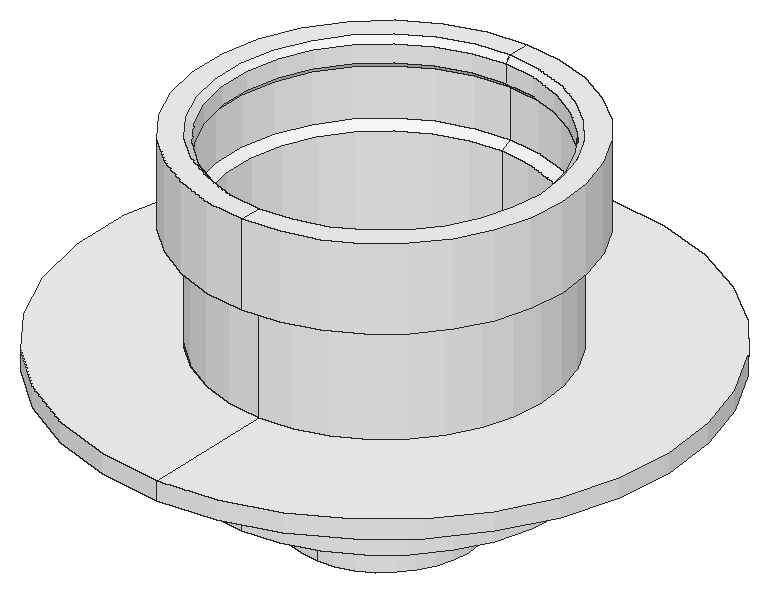
Revit family "F1100-DD", category Plumbing Fixtures, host Face, Revit 2018
Family settings
  Host = Face
  Round Connector Dimension = Use Radius
  Part Type = Normal
  Cut with Voids When Loaded = No
  Shared = No
  Room Calculation Point = No
Parameters (values of type "F1100-DD-Ø2"")
  WFU = 0
  URL = "WWW.MIFAB.COM"
  Pipe Radius = Pipe Diameter / 2  # 0' - 1"
  Pipe Diameter = 0' - 2"
  Model = "F1100-DD"
  Manufacturer = "MIFAB"
  Floor Drain Material = Paint - Sherwin Williams Paint - #952C2A - Bellwood Red
  Description = "HUB DRAIN FOR NON-MEMBRANE FLOOR AREAS"
  Default Elevation = 0' - 0"
  CWFU = 0
  BODY HEIGHT = 0' - 2 1/4"
  Assembly Code = ""
  ADJUSTMENT = 0' - 2.62612"
Types (6): name | Pipe Radius | Pipe Diameter | BODY HEIGHT
  (no name) | 0' - 1" | 0' - 2" | 0' - 2 1/4"
  F1100-DD-Ø2" | 0' - 1" | 0' - 2" | 0' - 2 1/4"
  F1100-DD-Ø3" | 0' - 1 1/2" | 0' - 3" | 0' - 2 5/8"
  F1100-DD-Ø4" | 0' - 2" | 0' - 4" | 0' - 2 5/8"
  F1100-DD-Ø5" | 0' - 2 1/2" | 0' - 5" | 0' - 2 5/8"
  F1100-DD-Ø6" | 0' - 3" | 0' - 6" | 0' - 2 5/8"
Reference planes (in)
  plane 1 "Center (Front/Back)": y = 0
  plane 2: z = 0
  plane 3 "Center (Left/Right)": x = 0
  plane 4: y = -1
  plane 5: y = 1
  plane 6: y = 2.5
  plane 7: y = -2.5
  plane 8: y = -1.18
  plane 9: y = -2.32
  plane 10: y = -4
  plane 11: y = 4
  plane 12: z = -3
  plane 13: z = -2.92
  plane 14: z = -2.62612
  plane 15: z = -2.87612
  plane 16: z = -4.87612
Forms (in)
  Revolve 1, solid, material "Paint - Sherwin Williams Paint - #952C2A - Bellwood Red" <- "Floor Drain Material"
    sketch origin (0, -109.78025, 0) x (0, 1, 0) y (0, 0, 1)
      loop
        line (107.28025, 0) -> (107.28025, -1.14) -> (107.58025, -1.3) -> (107.58025, -2.92) -> (107.66025, -3) -> (107.73025, -3) -> (107.73025, -1.14) -> (107.58025, -1.06) -> (107.58025, -0.4) -> (107.66025, -0.32) -> (107.66025, -0.08) -> (107.58025, 0) -> (107.28025, 0)
      axis (109.78025, -3) -> (109.78025, 0)
    angle from 0 to 360
  Revolve 2, solid, material "Paint - Sherwin Williams Paint - #952C2A - Bellwood Red" <- "Floor Drain Material"
    sketch origin (0, -109.78025, 5.25224) x (0, 1, 0) y (0, 0, 1)
      loop
        line (107.66025, -7.95836) -> (107.58025, -7.87836) -> (105.78025, -7.87836) -> (105.78025, -8.12836) -> (107.28025, -8.12836) -> (107.28025, -9.16853) -> (108.60025, -9.51853) -> (108.60025, -10.12836) -> (108.78025, -10.12836) -> (108.78025, -9.53628) -> (107.46025, -9.18628) -> (107.46025, -8.12836) -> (107.58025, -8.12836) -> (107.66025, -8.04836) -> (107.66025, -7.95836)
      axis (109.78025, -10.12836) -> (109.78025, -7.87836)
    angle from 0 to 360
  Revolve 3, solid, material "Paint - Sherwin Williams Paint - #952C2A - Bellwood Red" <- "Floor Drain Material"
    sketch origin (0, 0, 0) x (0, 1, 0) y (0, 0, 1)
      loop
        line (3.6, -3.20903) -> (3.6, -3.13187) -> (3.23, -3.13187) -> (3.13, -3.03187) -> (2.73, -3.03187) -> (2.73, -2.87612) -> (2.32, -2.87612) -> (2.32, -3.20903) -> (3.6, -3.20903)
      axis (2.32, -3.38187) -> (3.6, -3.38187)
    angle from 0 to 360
Dimensions and locks (in)
  equal spacing: plane 5, plane 1 "Center (Front/Back)", plane 4
  "Pipe Diameter": plane 5 to plane 4
  plane 1 "Center (Front/Back)" to plane 4 = 0' - 1"
  equal spacing: plane 6, plane 1 "Center (Front/Back)", plane 7, locked at 2.5 each
  locked: plane 6 to plane 7 at 5
  locked: plane 4 to plane 8 at 0.18
  locked: plane 9 to plane 7 at 0.18
  equal spacing: plane 11, plane 1 "Center (Front/Back)", plane 10
  locked: plane 11 to plane 10 at 8
  locked: plane 13 to plane 12 at 0.08
  locked: plane 14 to plane 15 at 0.25
  "BODY HEIGHT": plane 14 to plane 16
  "ADJUSTMENT": plane 2 to plane 14
  locked: plane 15 to plane 12 at 0.12388
  aligned and locked: plane 2 to host face
  aligned and locked: level to host face
  aligned and locked: Revolve 2 sketch curve to plane 4
  aligned and locked: plane 8 to Revolve 2 sketch curve
  aligned and locked: plane 7 to Revolve 2 sketch curve
  aligned and locked: plane 9 to Revolve 2 sketch curve
  aligned and locked: plane 10 to Revolve 2 sketch curve
  aligned and locked: plane 12 to Revolve 1 sketch curve
  aligned and locked: plane 13 to Revolve 1 sketch curve
  aligned and locked: Revolve 2 sketch curve to plane 14
  aligned and locked: plane 15 to Revolve 2 sketch curve
  aligned and locked: plane 16 to Revolve 2 sketch curve
Automatic sketch dimensions
  host sketch curve to host sketch curve = 8' - 0"  (x2)
  Revolve 1 sketch curve to plane 7 = 0' - 0"
  Revolve 1 sketch curve to level = 0' - 0"
  Revolve 1 sketch curve to plane 1 "Center (Front/Back)" = 0' - 0"
  plane 7 to Revolve 1 sketch curve = 0' - 0.3"  (x2)
  Revolve 1 sketch curve to Revolve 1 sketch curve = 0' - 0.3"
  Revolve 1 sketch curve to level = 0' - 0.08"
  Revolve 1 sketch curve to Revolve 1 sketch curve = 0' - 0.08"  (x5)
  Revolve 1 sketch curve to Revolve 1 sketch curve = 0' - 0.07"
  Revolve 1 sketch curve to Revolve 1 sketch curve = 0' - 0.24"
  Revolve 1 sketch curve to Revolve 1 sketch curve = 0' - 0.66"
  Revolve 1 sketch curve to Revolve 1 sketch curve = 0' - 0.16"
  level to Revolve 1 sketch curve = 0' - 1.15177"
  Revolve 1 sketch curve to Revolve 1 sketch curve = 0' - 0 3/4"
  Revolve 2 sketch curve to plane 1 "Center (Front/Back)" = 0' - 0"
  Revolve 2 sketch curve to Revolve 2 sketch curve = 0' - 0.12"  (x2)
  Revolve 2 sketch curve to Revolve 2 sketch curve = 0' - 0.08"  (x3)
  Revolve 2 sketch curve to Revolve 2 sketch curve = 0' - 0.01776"  (x2)
  Revolve 2 sketch curve to Revolve 2 sketch curve = 0' - 0.35"
  Revolve 2 sketch curve to Revolve 2 sketch curve = 0' - 0"
  Revolve 2 sketch curve to plane 16 = 0' - 3.43864"
  Revolve 2 sketch curve to Revolve 2 sketch curve = 0' - 1.64678"
  Revolve 2 sketch curve to Revolve 2 sketch curve = 0' - 0.59208"
  Revolve 3 sketch curve to plane 15 = 0' - 0"
  plane 6 to Revolve 3 sketch curve = 0' - 0.18"
  Revolve 3 sketch curve to plane 6 = 0' - 0.23"
  Revolve 3 sketch curve to plane 12 = 0' - 0.03187"
  Revolve 3 sketch curve to Revolve 3 sketch curve = 0' - 0.4"
  Revolve 3 sketch curve to Revolve 3 sketch curve = 0' - 0.1"
  Revolve 3 sketch curve to plane 12 = 0' - 0.13187"
  Revolve 3 sketch curve to Revolve 3 sketch curve = 0' - 0.37"
  Revolve 3 sketch curve to Revolve 3 sketch curve = 0' - 0.07716"
  Revolve 3 sketch curve to Revolve 3 sketch curve = 0' - 0"
  Revolve 3 sketch curve to Revolve 3 sketch curve = 0' - 0.14968"
  Revolve 3 sketch curve to Revolve 3 sketch curve = 0' - 0.17284"
Connectors (in)
  piping at (0, 3.6, -3.38187), diameter 0.5
    settings: on Revolve 3, index 1, connector inside diameter 24", connector length 0' - 0", flow factor 0, pipe flow 0 GPM, pressure drop 0.00 psi, fitting loss kfactor 0, connector angle 0.00°, fixture units 0, engagement length 0' - 0", angle of deflection 0.00°, flow configuration 0, flow direction 0, fitting loss method 0, system type 7, joint type 0, gender type 0, connector reference index -1, connector utility 0, adjustable connector no, is connector primary yes, connector description ""
  piping at (0, 0, -4.87612), diameter 2, driven by "Pipe Radius"
    settings: on Revolve 2, index 2, connector inside diameter 24", connector length 0' - 0", flow factor 0, pipe flow 0 GPM, pressure drop 0.00 psi, fitting loss kfactor 0, connector angle 0.00°, fixture units 0, engagement length 0' - 0", angle of deflection 0.00°, flow configuration 0, flow direction 0, fitting loss method 0, system type 7, joint type 0, gender type 0, connector reference index -1, connector utility 0, adjustable connector no, is connector primary no, connector description ""
